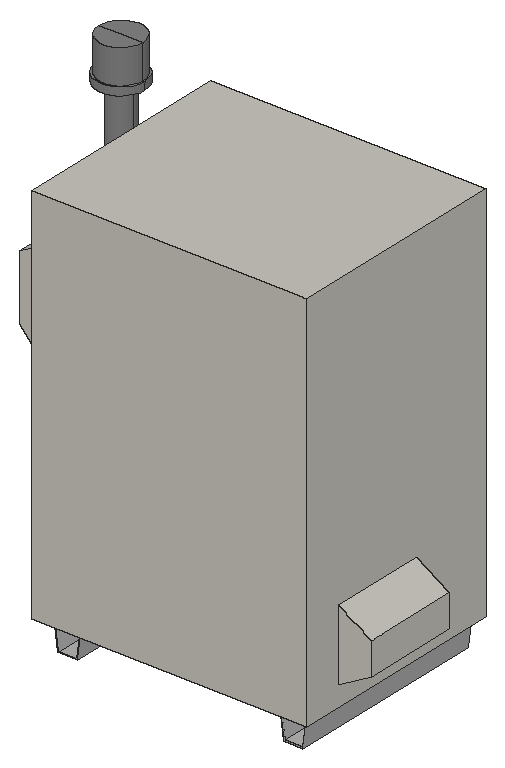
Revit family "1GAHP-GS Outdoor", category Wyposażenie mechaniczne, Revit 2015
Parameters (values of type "GAHP-GS")
  Wysokość = 1278.00 mm
  Współczynnik mocy = 1
  Wolna przestrzeń wokół urządzenia [instance] = yes
  Waga płynu roboczego - woda = 10.00 kg
  Waga płynu roboczego - amoniak R717 = 7.00 kg
  Waga = 300.00 kg
  URL = "www.gazuno.pl"
  Szerokość = 848.00 mm
  Sposób instalacji = "C13, C33, C43, C53, C63, C83, B23P, B33"
  Spadek ciśnienia medium przy nominalnym przepływie = 0.51 bar
  Rzeczywista moc grzewcza palnika = 25200 W
  Producent = "Robur"  # constant formula
  Opis = "Gazowa, absorpcyjna pompa ciepła grunt/woda. Zasilana gazem i energią odnawialną."
  Obciążenie pozorne = Moc elektryczna / Współczynnik mocy  # 410 VA
  Nominalny spadek ciśnienia wody grzewczej = 0.49 bar
  Nominalny przepływ wody grzewczej = 0.881 L/s
  Nominalny przepływ medium w odnawialnym źródle = 0.839 L/s
  Nominalna moc grzewcza palnika = 25700 W
  Napięcie zasilania = 230 V
  Model = "GAHP-GS"
  Moc elektryczna = 410 W
  Min. temperatura wody na wejściu do urządzenia (podczas pracy ciągłej) = 20 °C
  Min. temperatura powietrza zewnętrznego (tryb grzania) = 0 °C
  Min. temperatura medium na wejściu do odnawialnego źródła = -5 °C
  Min. przepływ wody grzewczej = 0.389 L/s
  Min. przepływ medium w odnawialnym źródle = 0.556 L/s
  Max. temperatura wody na wyjściu z urządzenia = 65 °C
  Max. temperatura wody na wejściu do urządzenia = 55 °C
  Max. temperatura powietrza zewnętrznego (tryb grzania) = 45 °C
  Max. temperatura medium na wyjściu z odnawialnego źródła = 45 °C
  Max. przepływ wody grzewczej = 1.111 L/s
  Max. przepływ medium w odnawialnym źródle = 1.111 L/s
  Max. przepływ kondensatu = "4 l/h"
  Max. ciśnienie w układzie absorpcyjnym = "35 bar"
  Materiał podstawa = Robur_Stal
  Materiał obudowa 2 = Robur_Czarny
  Materiał obudowa 1 = Robur_CashmereGrey
  Maksymalne ciśnienie robocze = 4 bar
  Klasyfikacja obciążenia = Inne
  IP = "X5D"
  Głębokość = 690.00 mm
  Dokumentacja techniczna = "http://www.gazuno.pl/assets/files/Gazuno/Produkty/Pompy%20Ciep%C5%82a/GAHP-GS/D-LBR608_E_13MCMSDC013_GAHP-GS_WS_fw3.028_BICI_ErP_PL.PDF"
  Ciśnienie gazu zasilającego (gaz ziemny G20) = "17 - 23 mbar"
  Ciśnienie gazu zasilającego (LPG G30/G31) = "32 - 42 mbar"
  Ciśnienie akustyczne w odległości 5 metrów = "44,1 dB (A)"
  Autor = "www.archispace.pl"
Reference planes
  plane 1 "Środek (Przód/Tył)": y = 0
  plane 2: z = 0
  plane 3 "Środek (Lewa/Prawa)": x = 0
  plane 4: y = 345
  plane 5: y = -345
  plane 6: x = -424
  plane 7: x = 424
  plane 8: x = -874
  plane 9: x = 874
  plane 10: y = -1145
  plane 11: y = 545
  plane 12: z = 1278
  plane 13: y = 15
  plane 14: y = 135
Forms (mm)
  Extrusion 1, solid, material "Robur_Stal" <- "Materiał podstawa", detail levels fine
    sketch origin (0, 0, 0) x (1, 0, 0) y (0, 0, 1)
      loop
        line (304.662, 95) -> (317.5, 0) -> (377.5, 0) -> (390.338, 95) -> (387.815, 95) -> (375.315, 2.5) -> (319.685, 2.5) -> (307.185, 95) -> (304.662, 95)
      loop
        line (-304.662, 95) -> (-307.185, 95) -> (-319.685, 2.5) -> (-375.315, 2.5) -> (-387.815, 95) -> (-390.338, 95) -> (-377.5, 0) -> (-317.5, 0) -> (-304.662, 95)
    from -335 to 300
  Extrusion 2, solid, material "Robur_Stal" <- "Materiał podstawa", detail levels medium
    sketch origin (0, 0, 0) x (1, 0, 0) y (0, 0, 1)
      loop
        line (-390.338, 95) -> (-390.338, 0) -> (-304.662, 0) -> (-304.662, 95) -> (-390.338, 95)
      loop
        line (390.338, 95) -> (304.662, 95) -> (304.662, 0) -> (390.338, 0) -> (390.338, 95)
    from -335 to 300
  Extrusion 3, solid, material "Robur_CashmereGrey" <- "Materiał obudowa 1", detail levels coarse
    sketch origin (0, 0, 0) x (1, 0, 0) y (0, 1, 0)
      loop
        line (-424, -345) -> (424, -345) -> (424, 345) -> (-424, 345) -> (-424, -345)
    from 0 to 1278 <- "Wysokość"
  Extrusion 4, solid, material "Robur_CashmereGrey" <- "Materiał obudowa 1", detail levels medium+fine
    sketch origin (0, 0, 0) x (1, 0, 0) y (0, 1, 0)
      loop
        line (-424, -345) -> (424, -345) -> (424, 345) -> (-424, 345) -> (-424, -345)
    from 95 to 1278 <- "Wysokość"
  Extrusion 5, solid, material "Robur_CashmereGrey" <- "Materiał obudowa 1"
    sketch origin (-626.941, -345, 1200) x (-1, 0, 0) y (0, 0, -1)
      loop
        line (-202.941, 104) -> (-99.941, 162) -> (-99.941, 362) -> (-202.941, 484) -> (-202.941, 104)
    from -85 to -239
  Extrusion 6, solid, material "Robur_CashmereGrey" <- "Materiał obudowa 1"
    sketch origin (-626.941, -345, 1200) x (-1, 0, 0) y (0, 0, -1)
      loop
        line (-1154.941, 982) -> (-1154.941, 882) -> (-1050.941, 820) -> (-1050.941, 1040) -> (-1154.941, 982)
    from -120 to -420
  Extrusion 7, solid, material "Robur_CashmereGrey" <- "Materiał obudowa 1", detail levels fine
    sketch origin (-626.941, 345, 1200) x (-1, 0, 0) y (0, 0, 1)
      loop
        circle (-997.941, -304) r 16
      loop
        circle (-730.941, -304) r 16
      loop
        circle (-391.941, -107) r 16
      loop
        circle (-293.941, -107) r 16
    from 0 to 30
  Extrusion 8, solid, material "Robur_CashmereGrey" <- "Materiał obudowa 1", detail levels fine
    sketch origin (-424, 965.13, 1200) x (0, 1, 0) y (0, 0, 1)
      loop
        circle (-1050.13, -265) r 10
    from 0 to -10
  Sweep 9, solid, material "Robur_Czarny" <- "Materiał obudowa 2"
    path origin (-705.709, 15, 1200) x (-1, 0, 0) y (0, 0, 1)
      loop
        line (-281.709, -265) -> (-220.709, -265)
        arc (-220.709, -265) -> (-181.818, -281.109) -> (-165.709, -320) r 55
        line (-165.709, -320) -> (-165.709, -363)
    profile origin (-454.5, 15, 935) x (0, 0, 1) y (0, 1, 0)
      loop
        circle (0, 0) r 45
  Sweep 10, solid, material "Robur_Czarny" <- "Materiał obudowa 2"
    path origin (-705.709, 135, 1200) x (-1, 0, 0) y (0, 0, 1)
      loop
        line (-281.709, -265) -> (-228.709, -265)
        arc (-228.709, -265) -> (-189.818, -248.891) -> (-173.709, -210) r 55
        line (-173.709, -210) -> (-173.709, -169)
    profile origin (-450.5, 135, 935) x (0, 0, 1) y (0, 1, 0)
      loop
        circle (0, 0) r 45
  Revolve 11, solid, material "Robur_Czarny" <- "Materiał obudowa 2", detail levels medium+fine
    sketch origin (-705.709, 135, 1200) x (-1, 0, 0) y (0, 0, 1)
      loop
        line (-173.709, -169) -> (-173.709, 262) -> (-241.209, 262) -> (-241.209, 157) -> (-247.709, 157) -> (-247.709, 133) -> (-213.709, 133) -> (-213.709, -169) -> (-173.709, -169)
      axis (-173.709, -169) -> (-173.709, 262)
    angle from 0 to 360
  Revolve 12, solid, material "Robur_Czarny" <- "Materiał obudowa 2", detail levels coarse
    sketch origin (-705.709, 135, 1200) x (-1, 0, 0) y (0, 0, 1)
      loop
        line (-173.709, -169) -> (-173.709, 262) -> (-218.709, 262) -> (-218.709, -169) -> (-173.709, -169)
      axis (-173.709, -169) -> (-173.709, 262)
    angle from 0 to 360
Lines and regions (mm)
  model lines, visible <- "Wolna przestrzeń wokół urządzenia"
    curve 1: line (-874, 545, 0) -> (-874, -1145, 0)
    curve 2: line (874, 545, 0) -> (874, -1145, 0)
    curve 3: line (-874, 545, 0) -> (874, 545, 0)
    curve 4: line (-874, -1145, 0) -> (874, -1145, 0)
    curve 5: line (-874, 545, 1278) -> (-874, -1145, 1278)
    curve 6: line (-874, 545, 1278) -> (874, 545, 1278)
    curve 7: line (874, 545, 1278) -> (874, -1145, 1278)
    curve 8: line (-874, -1145, 1278) -> (874, -1145, 1278)
    curve 9: line (-874, -1145, 0) -> (-874, -1145, 1278)
    curve 10: line (874, -1145, 0) -> (874, -1145, 1278)
    curve 11: line (-874, 545, 0) -> (-874, 545, 1278)
    curve 12: line (874, 545, 0) -> (874, 545, 1278)
Dimensions and locks
  equal spacing: plane 5, plane 1 "Środek (Przód/Tył)", plane 4
  "Głębokość": plane 5 to plane 4
  equal spacing: plane 6, plane 3 "Środek (Lewa/Prawa)", plane 7
  "Szerokość": plane 6 to plane 7
  locked: plane 8 to plane 6 at 450
  locked: plane 7 to plane 9 at 450
  locked: plane 11 to plane 4 at 200
  locked: plane 10 to plane 5 at 800
  "Wysokość": plane 12 to level
  plane 4 to plane 14 to plane 13 = 210.00 mm locked, 120.00 mm locked
  aligned and locked: level to plane 2
  aligned and locked: curve 1 to plane 8
  aligned and locked: plane 9 to curve 2
  aligned and locked: curve 3 to plane 11
  aligned and locked: curve 4 to plane 10
  aligned and locked: curve 5 to plane 8
  aligned and locked: curve 6 to plane 11
  aligned and locked: plane 9 to curve 7
  aligned and locked: curve 8 to plane 10
Automatic sketch dimensions
  Extrusion 1 sketch curve to level = 0.00 mm  (x2)
  plane 6 to Extrusion 1 sketch curve = 33.662 mm
  Extrusion 1 sketch curve to Extrusion 1 sketch curve = 2.523 mm  (x4)
  plane 6 to Extrusion 1 sketch curve = 46.50 mm
  level to Extrusion 1 sketch curve = 2.50 mm  (x2)
  Extrusion 1 sketch curve to Extrusion 1 sketch curve = 2.185 mm  (x4)
  Extrusion 1 sketch curve to Extrusion 1 sketch curve = 55.63 mm
  Extrusion 1 sketch curve to Extrusion 1 sketch curve = 80.63 mm
  plane 7 to Extrusion 1 sketch curve = 119.338 mm
  Extrusion 1 sketch curve to Extrusion 1 sketch curve = 10.315 mm
  plane 7 to Extrusion 1 sketch curve = 48.685 mm
  plane 7 to Extrusion 1 sketch curve = 36.185 mm
  Extrusion 1 sketch curve to Extrusion 1 sketch curve = 92.50 mm  (x2)
  Extrusion 1 sketch curve to Extrusion 1 sketch curve = 0.00 mm  (x2)
  Extrusion 3 sketch curve to plane 4 = 0.00 mm
  Extrusion 3 sketch curve to plane 6 = 0.00 mm
  Extrusion 3 sketch curve to plane 7 = 0.00 mm
  plane 5 to Extrusion 3 sketch curve = 0.00 mm
  curve 10 to level = 0.00 mm
  plane 9 to curve 10 = 0.00 mm
  curve 9 to plane 8 = 0.00 mm
  curve 9 to level = 0.00 mm
  curve 10 to plane 12 = 0.00 mm
  curve 9 to plane 12 = 0.00 mm
  curve 12 to level = 0.00 mm
  plane 9 to curve 12 = 0.00 mm
  curve 11 to plane 8 = 0.00 mm
  curve 11 to level = 0.00 mm
  curve 12 to plane 12 = 0.00 mm
  curve 11 to plane 12 = 0.00 mm
  Extrusion 2 sketch curve to level = 0.00 mm  (x2)
  plane 6 to Extrusion 2 sketch curve = 33.662 mm
  Extrusion 2 sketch curve to Extrusion 2 sketch curve = 85.676 mm
  plane 7 to Extrusion 2 sketch curve = 119.338 mm
  plane 7 to Extrusion 2 sketch curve = 33.662 mm
  level to Extrusion 2 sketch curve = 95.00 mm  (x2)
  Extrusion 4 sketch curve to plane 4 = 0.00 mm
  Extrusion 4 sketch curve to plane 6 = 0.00 mm
  Extrusion 4 sketch curve to plane 7 = 0.00 mm
  plane 5 to Extrusion 4 sketch curve = 0.00 mm
  Extrusion 5 sketch curve to plane 6 = 0.00 mm
  plane 6 to Extrusion 5 sketch curve = 103.00 mm
  plane 12 to Extrusion 5 sketch curve = 240.00 mm
  Extrusion 5 sketch curve to Extrusion 5 sketch curve = 58.00 mm
  Extrusion 5 sketch curve to Extrusion 5 sketch curve = 200.00 mm
  Extrusion 5 sketch curve to Extrusion 5 sketch curve = 122.00 mm
  plane 7 to Extrusion 6 sketch curve = 0.00 mm
  plane 7 to Extrusion 6 sketch curve = 104.00 mm
  Extrusion 6 sketch curve to level = 218.00 mm
  Extrusion 6 sketch curve to Extrusion 6 sketch curve = 100.00 mm
  Extrusion 6 sketch curve to Extrusion 6 sketch curve = 58.00 mm
  Extrusion 6 sketch curve to Extrusion 6 sketch curve = 62.00 mm
  plane 7 to Extrusion 7 sketch curve = 53.00 mm
  plane 3 "Środek (Lewa/Prawa)" to Extrusion 7 sketch curve = 104.00 mm
  plane 6 to Extrusion 7 sketch curve = 189.00 mm
  plane 6 to Extrusion 7 sketch curve = 91.00 mm
  Extrusion 7 sketch curve to plane 12 = 382.00 mm
  Extrusion 7 sketch curve to Extrusion 7 sketch curve = 0.00 mm  (x2)
  Extrusion 7 sketch curve to plane 12 = 185.00 mm
  plane 1 "Środek (Przód/Tył)" to Extrusion 8 sketch curve = 85.00 mm
  Extrusion 8 sketch curve to plane 12 = 343.00 mm
  Sweep 9 sketch curve to plane 13 = 0.00 mm
  profile plane to Sweep 9 sketch curve = 0.00 mm
  Sweep 9 sketch curve to plane 6 = 0.00 mm
  Sweep 9 sketch curve to plane 6 = 61.00 mm
  Sweep 9 sketch curve to plane 12 = 398.00 mm
  Sweep 9 sketch curve to Sweep 9 sketch curve = 55.00 mm
  Sweep 9 sketch curve to Sweep 9 sketch curve = 43.00 mm
  Sweep 10 sketch curve to plane 6 = 0.00 mm
  Sweep 10 sketch curve to plane 6 = 53.00 mm
  Sweep 10 sketch curve to plane 12 = 288.00 mm
  Sweep 10 sketch curve to Sweep 10 sketch curve = 55.00 mm
  Sweep 10 sketch curve to Sweep 10 sketch curve = 41.00 mm
  Sweep 10 sketch curve to plane 14 = 0.00 mm
  profile plane to Sweep 10 sketch curve = 0.00 mm
  Revolve 11 sketch curve to plane 6 = 34.00 mm
  Revolve 11 sketch curve to Revolve 11 sketch curve = 6.50 mm
  Revolve 11 sketch curve to Revolve 11 sketch curve = 34.00 mm
  Revolve 11 sketch curve to Revolve 11 sketch curve = 67.50 mm
  Revolve 11 sketch curve to plane 12 = 247.00 mm
  plane 12 to Revolve 11 sketch curve = 55.00 mm
  Revolve 11 sketch curve to Revolve 11 sketch curve = 24.00 mm
  Revolve 11 sketch curve to Revolve 11 sketch curve = 105.00 mm
  Revolve 11 sketch curve to Revolve 11 sketch curve = 0.00 mm  (x2)
  Revolve 11 sketch curve to Revolve 11 sketch curve = 90.00 mm
  Revolve 12 sketch curve to plane 6 = 63.00 mm
  Revolve 12 sketch curve to Revolve 12 sketch curve = 45.00 mm
  Revolve 12 sketch curve to plane 12 = 247.00 mm
  plane 12 to Revolve 12 sketch curve = 184.00 mm
  Revolve 12 sketch curve to Revolve 12 sketch curve = 0.00 mm  (x2)
  Revolve 12 sketch curve to Revolve 12 sketch curve = 75.00 mm
  radius of Extrusion 7 sketch curve = 16.00 mm  (x4)
  radius of Extrusion 8 sketch curve = 10.00 mm
  radius of Sweep 9 sketch curve = 45.00 mm
  radius of Sweep 10 sketch curve = 45.00 mm
Connectors
  piping at (371, 375, 896), diameter 31.75
    settings: on Extrusion 7, index 1, connector inside diameter 609.6 mm, connector length 0.00 mm, flow factor 0, pipe flow 0.000 L/s, pressure drop 0 bar, fitting loss kfactor 0, connector angle 0.00°, fixture units 0, engagement length 0.00 mm, angle of deflection 0.00°, flow configuration 0, flow direction 2, fitting loss method 0, system type 7, joint type 0, gender type 0, connector reference index -1, connector utility 0, adjustable connector no, is connector primary yes, connector description "Przyłącze wody wyjście (strona gorąca) Ø 1\"¼"
  piping at (104, 375, 896), diameter 31.75
    settings: on Extrusion 7, index 2, connector inside diameter 609.6 mm, connector length 0.00 mm, flow factor 0, pipe flow 0.000 L/s, pressure drop 0 bar, fitting loss kfactor 0, connector angle 0.00°, fixture units 0, engagement length 0.00 mm, angle of deflection 0.00°, flow configuration 0, flow direction 2, fitting loss method 0, system type 8, joint type 0, gender type 0, connector reference index -1, connector utility 0, adjustable connector no, is connector primary no, connector description "Przyłącze wody wyjście (strona zimna) Ø 1\"¼"
  piping at (-235, 375, 1093), diameter 31.75
    settings: on Extrusion 7, index 3, connector inside diameter 609.6 mm, connector length 0.00 mm, flow factor 0, pipe flow 0.000 L/s, pressure drop 0 bar, fitting loss kfactor 0, connector angle 0.00°, fixture units 0, engagement length 0.00 mm, angle of deflection 0.00°, flow configuration 0, flow direction 1, fitting loss method 0, system type 7, joint type 0, gender type 0, connector reference index -1, connector utility 0, adjustable connector no, is connector primary no, connector description "Przyłącze wody wejście (strona zimna) Ø 1\"¼"
  piping at (-333, 375, 1093), diameter 31.75
    settings: on Extrusion 7, index 4, connector inside diameter 609.6 mm, connector length 0.00 mm, flow factor 0, pipe flow 0.000 L/s, pressure drop 0 bar, fitting loss kfactor 0, connector angle 0.00°, fixture units 0, engagement length 0.00 mm, angle of deflection 0.00°, flow configuration 0, flow direction 1, fitting loss method 0, system type 8, joint type 0, gender type 0, connector reference index -1, connector utility 0, adjustable connector no, is connector primary no, connector description "Przyłącze wody wejście (strona gorąca) Ø 1\"¼"
  piping at (-434, -85, 935), diameter 19.05
    settings: on Extrusion 8, index 5, connector inside diameter 609.6 mm, connector length 0.00 mm, flow factor 0, pipe flow 0.000 L/s, pressure drop 0 bar, fitting loss kfactor 0, connector angle 0.00°, fixture units 0, engagement length 0.00 mm, angle of deflection 0.00°, flow configuration 0, flow direction 1, fitting loss method 0, system type 22, joint type 0, gender type 0, connector reference index -1, connector utility 0, adjustable connector no, is connector primary no, connector description "Przyłącze gazu Ø ¾\""
  electrical at (0, 345, 686.5), driven by "Napięcie zasilania", driven by "Klasyfikacja obciążenia", driven by "Obciążenie pozorne", driven by "Współczynnik mocy"
    settings: on Extrusion 4, index 6, voltage 230 V, apparent load 410 VA, apparent load phase1 0 VA, apparent load phase2 0 VA, apparent load phase3 0 VA, power factor 1, load classification "Inne", number of poles 1, system type 30, power factor state 1, is connector primary yes, connector utility no, sub classification motor no, connector description ""
  electrical at (0, 0, 95)
    settings: on Extrusion 4, index 7, voltage 0 V, apparent load 0 VA, apparent load phase1 0 VA, apparent load phase2 0 VA, apparent load phase3 0 VA, power factor 1, load classification "Inne", number of poles 1, system type 13, power factor state 1, is connector primary no, connector utility no, sub classification motor no, connector description ""
